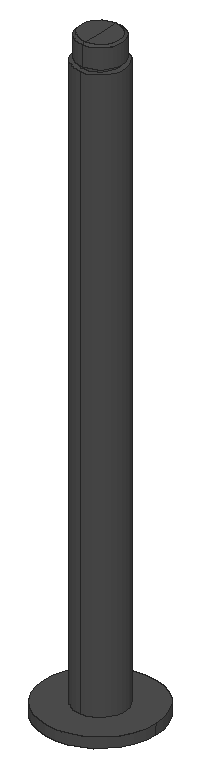
Revit family "Reece_Shower_Mizu_Drift_Shower Arm_Ceiling", category Plumbing Fixtures, host Face, Revit 2018
Family settings
  Host = Face
  Round Connector Dimension = Use Diameter
  Part Type = Normal
  Cut with Voids When Loaded = No
  Shared = Yes
  Room Calculation Point = Yes
Parameters (values of type "Matte Black")
  WFU = 0  # constant formula
  URL = "https://www.reece.com.au/product/-9505344"
  Type Comments = "Shower"
  Reece_Shower_Inlet = 12 mm  # constant formula
  Reece_Product_Web Page = "https://www.reece.com.au/product/-9505344"
  Reece_Product_Type = "Shower"  # constant formula
  Reece_Product_Sub Brand = "Drift"  # constant formula
  Reece_Product_Number = "9505344"
  Reece_Product_Mount = "Ceiling Mounted"
  Reece_Product_Description = "Mizu Drift Ceiling Shower Arm Only 300mm Matte Black"
  Reece_Product_Brand = "Mizu"  # constant formula
  Reece_Overall_Width = 55 mm  # constant formula
  Reece_Overall_Length = 300 mm  # constant formula
  Reece_Material_Main = Reece_Brass_Matte Black
  Reece_Detail_Disclaimer = "THIS FILE IS THE PROPERTY OF THE REECE GROUP. IT MAY NOT BE REPRODUCED, REVERSE-ENGINEERED, OR MODIFIED. ANY REPUBLICATION, TRANSMISSION, OR DISTRIBUTION FOR THE PURPOSE OF COMMERCIALLY EXPLOITING THE FILES IS PROHIBITED."  # constant formula
  Reece_Detail_Additional = "Ceiling"  # constant formula
  Model = "Drift"
  Manufacturer = "Mizu"
  Keynote = "Product #9505344, Reece_Shower_Mizu_Drift_Shower Arm_Ceiling - Matte Black"
  HWFU = 0  # constant formula
  Disclaimer = "THIS FILE IS THE PROPERTY OF THE REECE GROUP. IT MAY NOT BE REPRODUCED, REVERSE-ENGINEERED, OR MODIFIED. ANY REPUBLICATION, TRANSMISSION, OR DISTRIBUTION FOR THE PURPOSE OF COMMERCIALLY EXPLOITING THE FILES IS PROHIBITED."  # constant formula
  Description = "Mizu Drift Ceiling Shower Arm Only 300mm Matte Black"
  Default Elevation = 0 mm  # constant formula
  CWFU = 0  # constant formula
Types (5, lengths in mm): name | URL | Reece_Product_Web Page | Reece_Product_Number | Reece_Product_Description | Reece_Material_Main | Keynote | Description
  Chrome | "https://www.reece.com.au/product/-9504027" | "https://www.reece.com.au/product/-9504027" | "9504027" | "Mizu Drift Ceiling Shower Arm Only 300mm Chrome" | Reece_Brass_Chrome | "Product #9504027, Reece_Shower_Mizu_Drift_Shower Arm_Ceiling - Chrome" | "Mizu Drift Ceiling Shower Arm Only 300mm Chrome"
  Matte Black | "https://www.reece.com.au/product/-9505344" | "https://www.reece.com.au/product/-9505344" | "9505344" | "Mizu Drift Ceiling Shower Arm Only 300mm Matte Black" | Reece_Brass_Matte Black | "Product #9505344, Reece_Shower_Mizu_Drift_Shower Arm_Ceiling - Matte Black" | "Mizu Drift Ceiling Shower Arm Only 300mm Matte Black"
  Brushed Nickel | "https://www.reece.com.au/product/-9508182" | "https://www.reece.com.au/product/-9508182" | "9508182" | "Mizu Drift Ceiling Shower Arm Only 300mm Brushed Nickel" | Reece_Brass_Brushed Nickel | "Product #9508182, Reece_Shower_Mizu_Drift_Shower Arm_Ceiling - Brushed Nickel" | "Mizu Drift Ceiling Shower Arm Only 300mm Brushed Nickel"
  Brushed Gunmetal | "https://www.reece.com.au/product/-9512211" | "https://www.reece.com.au/product/-9512211" | "9512211" | "Mizu Drift Ceiling Shower Arm Only 300mm Brushed Gunmetal" | Reece_Brass_Brushed Gunmetal | "Product #9512211, Reece_Shower_Mizu_Drift_Shower Arm_Ceiling - Brushed Gunmetal" | "Mizu Drift Ceiling Shower Arm Only 300mm Brushed Gunmetal"
  Brushed Brass | "https://www.reece.com.au/product/-9512417" | "https://www.reece.com.au/product/-9512417" | "9512417" | "Mizu Drift Ceiling Shower Arm Only 300mm Brushed Brass" | Reece_Brass_Brushed Gold | "Product #9512417, Reece_Shower_Mizu_Drift_Shower Arm_Ceiling - Brushed Brass" | "Mizu Drift Ceiling Shower Arm Only 300mm Brushed Brass"
Reference planes
  plane 1 "Center (Front/Back)": y = 0
  plane 2: z = 0
  plane 3 "Center (Left/Right)": x = 0
  plane 4: z = 300
  plane 5: x = 27.5
  plane 6: x = -27.5
  plane 7: z = 288
Forms (mm)
  Extrusion 1, solid, material "Reece_Brass_Matte Black" <- "Reece_Material_Main"
    sketch origin (0, 0, 0) x (1, 0, 0) y (0, 1, 0)
      loop
        circle (0, 0) r 27.5
      loop
        circle (0, 0) r 7.5
    from 0 to 5
  Sweep 2, solid, material "Reece_Brass_Matte Black" <- "Reece_Material_Main"
    path origin (0, 0, 0) x (0, 1, 0) y (0, 0, 1)
      loop
        line (0, 5) -> (0, 288)
    profile origin (0, 0, 5) x (0, -1, 0) y (1, 0, 0)
      loop
        circle (0, 0) r 12
  Revolve 3, solid, material "Reece_Brass_Matte Black" <- "Reece_Material_Main"
    sketch origin (0, 71.186, -26.767) x (0, 1, 0) y (0, 0, 1)
      loop
        line (-71.186, 326.767) -> (-71.186, 314.767) -> (-61.686, 314.767) -> (-61.686, 316.267) -> (-60.686, 316.267) -> (-60.686, 325.767) -> (-61.686, 326.767) -> (-71.186, 326.767)
      axis (-71.186, 326.767) -> (-71.186, 314.767)
    angle from 0 to 360
Cuts and joins
  joined: Extrusion 1, Sweep 2
Text (mm)
  text "Reece Copyright © 2018, Reece Ltd." at (-260.256, -149.578, 0), in view "Ref. Level"
  text "Reece ©" at (407.825, -790.706, 483.677), in view "Reece_Preview"
  text "Reece Copyright © 2018, Reece Ltd." at (-258.854, -19.522, 0), in view "Ref. Level"
Dimensions and locks
  plane 4 to plane 2 = 300 mm
  plane 6 to plane 5 = 55 mm
  equal spacing: plane 5, plane 3 "Center (Left/Right)", plane 6
  plane 4 to plane 7 = 12 mm
  aligned and locked: host face to plane 2
  aligned and locked: level to host face
  aligned and locked: Extrusion 1 to plane 2
  aligned and locked: Sweep 2 sketch curve to plane 1 "Center (Front/Back)"
  aligned and locked: plane 7 to Revolve 3 sketch curve
  aligned and locked: plane 4 to Revolve 3 sketch curve
Automatic sketch dimensions
  host sketch curve to host sketch curve = 246.061 mm
  host sketch curve to host sketch curve = 257.247 mm
  Sweep 2 sketch curve to plane 3 "Center (Left/Right)" = 0 mm
  Sweep 2 sketch curve to profile plane = 0 mm
  Extrusion 1 sketch curve to Extrusion 1 sketch curve = 0 mm  (x2)
  plane 1 "Center (Front/Back)" to Extrusion 1 sketch curve = 0 mm
  Extrusion 1 sketch curve to plane 3 "Center (Left/Right)" = 0 mm
  Revolve 3 sketch curve to plane 1 "Center (Front/Back)" = 0 mm  (x2)
  Revolve 3 sketch curve to plane 1 "Center (Front/Back)" = 9.5 mm
  Revolve 3 sketch curve to Revolve 3 sketch curve = 0 mm
  Revolve 3 sketch curve to Revolve 3 sketch curve = 1 mm  (x2)
  Revolve 3 sketch curve to Revolve 3 sketch curve = 9.5 mm
  Revolve 3 sketch curve to Revolve 3 sketch curve = 124.95 mm
  Revolve 3 sketch curve to Revolve 3 sketch curve = 160.641 mm
  Sweep 2 sketch curve to plane 7 = 0 mm
  level to Sweep 2 sketch curve = 5 mm
  radius of Sweep 2 sketch curve = 12 mm
  radius of Extrusion 1 sketch curve = 27.5 mm
  radius of Extrusion 1 sketch curve = 7.5 mm
Connectors
  piping at (0, 0, 0), diameter 12, driven by "Reece_Shower_Inlet"
    settings: on Extrusion 1, index 2, connector inside diameter 609.6 mm, connector length 0 mm, flow factor 0, pipe flow 0.0 L/s, pressure drop 0.0 Pa, fitting loss kfactor 0, connector angle 0.00°, fixture units 0, engagement length 0 mm, angle of deflection 0.00°, flow configuration 0, flow direction 1, fitting loss method 0, system type 29, joint type 0, gender type 0, connector reference index -1, connector utility 0, adjustable connector no, is connector primary yes, connector description ""
